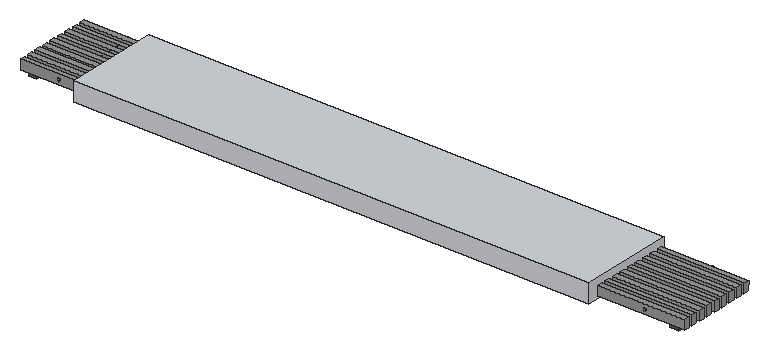
Revit family "1212-9, Solid", category Generic Models, host Face, Revit 2020
Family settings
  Host = Face
  Can host rebar = No
  Round Connector Dimension = Use Diameter
  Part Type = Normal
  Cut with Voids When Loaded = No
  Shared = No
  Room Calculation Point = No
Parameters
  min_value [instance] = 1' - 11 1/4"  # constant formula
  max_value [instance] = 11' - 11 1/4"  # constant formula
  actual_value [instance] = if(NET LENGTH < min_value, min_value, if(NET LENGTH > max_value, max_value, NET LENGTH))  # 7' - 11 1/4"
  NET LENGTH [instance] = 7' - 11 1/4"
  IMPORTANT NOTE!!!                                                                             *Backer & dowel layout is for visualization purposes only, final layout to be determined by 9Wood. [instance] = ""
  Default Elevation = 4' - 0"
  DOWEL RADIUS [instance] = 0' - 0 1/4"  # constant formula
  BACKING M MATERIAL [instance] = BLACK-BACKERS
  .. MEMBER WIDTH [instance] = 0' - 0 3/4"  # constant formula
  .. MEMBER MATERIAL [instance] = Solid Western Hemlock
  .. MEMBER DEPTH [instance] = 0' - 1 3/8"  # constant formula
  .. MEMBER COUNT [instance] = 9  # constant formula
Reference planes (in)
  plane 1 "Center (Front/Back)": y = 0
  plane 2: z = 2.726
  plane 3 "Center (Left/Right)": x = 0
Forms (in)
  Extrusion 1, solid
    sketch origin (15, -0.86619, -0.99308) x (0, 1, 0) y (-1, 0, 0)
      loop
        line (3.42869, -23.66817) -> (3.42869, 50.25) -> (-10, 50.25) -> (-10, -23.66817) -> (3.42869, -23.66817)
    from 3.71908 to 1.00111
Dimensions and locks (in)
  aligned and locked: plane 2 to Extrusion 1
Nested families (in)
  nested 1: "1200 Series" at (-44, -2, 1.87867), NET LENGTH <- "actual_value", DOWEL RADII <- "DOWEL RADIUS", .. MEMBER WIDTH <- ".. MEMBER WIDTH", .. MEMBER DEPTH <- ".. MEMBER DEPTH", .. MEMBER MATERIAL <- ".. MEMBER MATERIAL", BACKING M MATERIAL <- "BACKING M MATERIAL", .. MEMBER COUNT <- ".. MEMBER COUNT", type "1200 Series"
    with X 7' - 4", WIDTH 1' - 0 1/16", Space 0' - 0 11/16", START 0' - 0 3/8", SCRIM MATERIAL SCRIM, SCRIM 3 8' - 1", SCRIM 2 0' - 0 7/8", SCRIM 1 0' - 0 3/32", SCRIM yes, NET LENGTH 7' - 11 1/4", N 8, INSET 3 0' - 0 3/16", INSET 0' - 1", INDEX 0' - 5 5/8", END BACKER yes, DOWEL RADII 0' - 0 1/4", DOWEL COUNT 8, BACKING M WIDTH 0' - 1 1/4", BACKING M MATERIAL BLACK-BACKERS, BACKING M LENGTH 0' - 11 7/8", BACKING M DEPTH 0' - 0 1/2", .. MEMBER WIDTH 0' - 0 3/4", .. MEMBER OC TYP 0' - 1.33333", .. MEMBER MATERIAL Solid Western Hemlock, .. MEMBER DEPTH 0' - 1 3/8", .. MEMBER COUNT 9
Definition of nested family "1200 Series"
  Parameters (values of type "1200 Series")
    X [instance] = NET LENGTH - (0' 3 5/8" * 2)  # 6' - 2"
    WIDTH [instance] = 1' - 0 1/16"
    Space [instance] = 0' - 0 11/16"  # constant formula
    START [instance] = .. MEMBER WIDTH / 2  # 0' - 0 3/8"
    SCRIM MATERIAL [instance] = none
    SCRIM 3 [instance] = NET LENGTH + (SCRIM 2 * 2)  # 6' - 11"
    SCRIM 2 [instance] = 0' - 0 7/8"
    SCRIM 1 [instance] = 0' - 0 3/32"
    SCRIM [instance] = yes
    NET LENGTH [instance] = 6' - 9 1/4"
    N [instance] = if((X - (rounddown(X / 1' 0") * 1' 0")) > 1' 0", rounddown(X / 1' 0") + 2, rounddown(X / 1' 0") + 1)  # 7
    INSET 3 [instance] = 0' - 0 3/16"
    INSET [instance] = 0' - 1"
    INDEX [instance] = (NET LENGTH - ((N - 1) * 1' 0")) / 2  # 0' - 4 5/8"
    END BACKER [instance] = yes
    Default Elevation = 0' - 0"
    DOWEL RADII [instance] = 0' - 0 1/4"
    DOWEL COUNT [instance] = N  # 7
    BACKING M WIDTH [instance] = 0' - 1 1/4"
    BACKING M MATERIAL [instance] = none
    BACKING M LENGTH [instance] = 0' - 11 7/8"
    BACKING M DEPTH [instance] = 0' - 0 1/2"
    .. MEMBER WIDTH [instance] = 0' - 0 3/4"
    .. MEMBER OC TYP [instance] = 1' 0" / .. MEMBER COUNT  # 0' - 3"
    .. MEMBER MATERIAL [instance] = none
    .. MEMBER DEPTH [instance] = 0' - 1 3/8"
    .. MEMBER COUNT [instance] = 4
  Reference planes (in)
    plane 1 "Center (Front/Back)": y = -7.5
    plane 2: z = 0
    plane 3 "Center (Left/Right)": x = 0
    plane 4: x = 1
    plane 5: x = 4.625
    plane 6: x = 81.25
    plane 7: x = 80.25
    plane 8: x = 16.625
    plane 9: y = -7.3125
    plane 10: y = -4.125
    plane 11: y = -7.125
    plane 12: y = 4.5625
    plane 13: y = -4.5
    plane 14: y = -7.59375
    plane 15: x = 82.125
    plane 16: y = 4.65625
    plane 17: x = -0.875
    plane 18: z = -1.375
    plane 19: z = -0.6875
  Lines and regions (in)
    model lines
      curve 1: line (4.375, -7.5, -0.6875) -> (4.875, -7.5, -0.6875)
    model lines, not visible
      curve 2: line (4.625, -7.5, -0.9375) -> (4.625, -7.5, -0.4375)
      curve 3: line (4.375, -7.5, -0.6875) -> (4.875, -7.5, -0.6875)
      curve 4: line (16.625, -7.5, -0.9375) -> (16.625, -7.5, -0.4375)
      curve 5: line (16.375, -7.5, -0.6875) -> (16.875, -7.5, -0.6875)
      curve 6: line (28.625, -7.5, -0.9375) -> (28.625, -7.5, -0.4375)
      curve 7: line (28.375, -7.5, -0.6875) -> (28.875, -7.5, -0.6875)
      curve 8: line (40.625, -7.5, -0.9375) -> (40.625, -7.5, -0.4375)
      curve 9: line (40.375, -7.5, -0.6875) -> (40.875, -7.5, -0.6875)
      curve 10: line (52.625, -7.5, -0.9375) -> (52.625, -7.5, -0.4375)
      curve 11: line (52.375, -7.5, -0.6875) -> (52.875, -7.5, -0.6875)
      curve 12: line (64.625, -7.5, -0.9375) -> (64.625, -7.5, -0.4375)
      curve 13: line (64.375, -7.5, -0.6875) -> (64.875, -7.5, -0.6875)
      curve 14: line (76.625, -7.5, -0.9375) -> (76.625, -7.5, -0.4375)
      curve 15: line (76.375, -7.5, -0.6875) -> (76.875, -7.5, -0.6875)
  Dimensions and locks (in)
    "NET LENGTH": plane 3 "Center (Left/Right)" to plane 6
    "INSET": plane 7 to plane 6
    "INDEX": plane 3 "Center (Left/Right)" to plane 5
    plane 5 to plane 8 = 1' - 0"
    "INSET 3": plane 1 "Center (Front/Back)" to plane 9
    equal spacing: group 1, group 2, group 3, group 4  (x3)
    "START": plane 11 to plane 1 "Center (Front/Back)"
    ".. MEMBER OC TYP": plane 10 to plane 11
    "WIDTH": plane 12 to plane 1 "Center (Front/Back)"
    "START": plane 10 to plane 13
    "SCRIM 1": plane 14 to plane 1 "Center (Front/Back)"
    "SCRIM 2": plane 6 to plane 15
    "SCRIM 1": plane 12 to plane 16
    "SCRIM 2": plane 17 to plane 3 "Center (Left/Right)"
    "INSET": plane 3 "Center (Left/Right)" to plane 4
    equal spacing: group 5, group 6, group 7, group 8, group 9, group 10, group 11  (x3)
    "Space": plane 19 to plane 18
    aligned and locked: level to plane 2
    aligned and locked: nested 1 to plane 4  (x2)
    aligned and locked: plane 7 to nested 2
    aligned and locked: plane 5 to nested 3
    aligned and locked: nested 1 to plane 9
    aligned and locked: plane 1 "Center (Front/Back)" to nested 4
    aligned and locked: plane 9 to nested 2
    aligned and locked: plane 13 to nested 5
    aligned and locked: nested 3 to plane 9
    aligned and locked: plane 18 to nested 1
    aligned and locked: plane 19 to nested 3
    aligned and locked: curve 1 to plane 19
    aligned and locked: plane 8 to curve 4
    aligned and locked: curve 5 to plane 19
    aligned and locked: nested 4 to plane 18
  Automatic sketch dimensions
    curve 1 to curve 1 = 0' - 0 1/2"
    curve 1 to plane 5 = 0' - 0 1/4"
    plane 5 to curve 1 = 0' - 0 1/4"
    curve 3 to curve 2 = 0' - 0 1/4"  (x2)
    curve 2 to curve 3 = 0' - 0 1/4"  (x2)
    curve 5 to curve 4 = 0' - 0 1/4"  (x2)
    curve 4 to curve 5 = 0' - 0 1/4"  (x2)
    curve 7 to curve 6 = 0' - 0 1/4"  (x2)
    curve 6 to curve 7 = 0' - 0 1/4"  (x2)
    curve 9 to curve 8 = 0' - 0 1/4"  (x2)
    curve 8 to curve 9 = 0' - 0 1/4"  (x2)
    curve 11 to curve 10 = 0' - 0 1/4"  (x2)
    curve 10 to curve 11 = 0' - 0 1/4"  (x2)
    curve 13 to curve 12 = 0' - 0 1/4"  (x2)
    curve 12 to curve 13 = 0' - 0 1/4"  (x2)
    curve 15 to curve 14 = 0' - 0 1/4"  (x2)
    curve 14 to curve 15 = 0' - 0 1/4"  (x2)
  Nested families (in)
    nested 1: "INSTANCE - 2ND -  EXTEND SIDE H CENTER W - Parametric Cube" at (1, -1.375, -1.375) x (0, -1, 0) z (0, 0, 1), Width <- "BACKING M LENGTH", Length <- "BACKING M WIDTH", Material <- "BACKING M MATERIAL", Height <- "BACKING M DEPTH", visible <- "END BACKER", type "INSTANCE - 2ND -  EXTEND SIDE H CENTER W - Parametric Cube"
      with Width 0' - 11 7/8", Material none, Length 0' - 1 1/4", Height 0' - 0 1/2"
    nested 2: "INSTANCE - 2ND -  EXTEND SIDE H CENTER W - Parametric Cube" at (80.25, -1.375, -1.375) x (0, -1, 0) z (0, 0, 1), Width <- "BACKING M LENGTH", Length <- "BACKING M WIDTH", Material <- "BACKING M MATERIAL", Height <- "BACKING M DEPTH", visible <- "END BACKER", type "INSTANCE - 2ND -  EXTEND SIDE H CENTER W - Parametric Cube"
      with Width 0' - 11 7/8", Material none, Length 0' - 1 1/4", Height 0' - 0 1/2"
    nested 3: "Family3" at (-5.375, -7.3125, -0.6875), DOWEL RADII <- "DOWEL RADII", BACKING MEM MATERIAL <- "BACKING M MATERIAL", type "Family3"
      with DOWEL RADII 0' - 0 1/4", DOWEL LENGTH 0' - 11 7/8", BACKING MEM MATERIAL none
    nested 4: "HOLED MEMBER" at (0, -18.75, 6.19404), DOWEL RADII <- "DOWEL RADII", .. MEMBER LENGTH <- "NET LENGTH", DOWEL COUNT <- "DOWEL COUNT", DEPTH <- ".. MEMBER DEPTH", .. MEMBER WIDTH <- ".. MEMBER WIDTH", Material <- ".. MEMBER MATERIAL", DOWEL INDEX <- "INDEX", Space 2 <- "Space", type "HOLED MEMBER"
      with Width 0' - 6", Space 2 0' - 0 11/16", Material none, Length 1' - 0", Height 0' - 10.43096", DOWEL RADII 0' - 0 1/4", DOWEL OC DIST 1' - 0", DOWEL INDEX 0' - 4 5/8", DOWEL COUNT 7, DEPTH 0' - 1 3/8", .. MEMBER WIDTH 0' - 0 3/4", .. MEMBER LENGTH 6' - 9 1/4"
    nested 5: "HOLED MEMBER" at (0, -15.75, 6.19404), DOWEL RADII <- "DOWEL RADII", .. MEMBER LENGTH <- "NET LENGTH", DOWEL COUNT <- "DOWEL COUNT", DEPTH <- ".. MEMBER DEPTH", .. MEMBER WIDTH <- ".. MEMBER WIDTH", Material <- ".. MEMBER MATERIAL", DOWEL INDEX <- "INDEX", Space 2 <- "Space", type "HOLED MEMBER"
      with Width 0' - 6", Space 2 0' - 0 11/16", Material none, Length 1' - 0", Height 0' - 10.43096", DOWEL RADII 0' - 0 1/4", DOWEL OC DIST 1' - 0", DOWEL INDEX 0' - 4 5/8", DOWEL COUNT 7, DEPTH 0' - 1 3/8", .. MEMBER WIDTH 0' - 0 3/4", .. MEMBER LENGTH 6' - 9 1/4"
    nested 6: "HOLED MEMBER" at (0, -12.75, 6.19404), DOWEL RADII <- "DOWEL RADII", .. MEMBER LENGTH <- "NET LENGTH", DOWEL COUNT <- "DOWEL COUNT", DEPTH <- ".. MEMBER DEPTH", .. MEMBER WIDTH <- ".. MEMBER WIDTH", Material <- ".. MEMBER MATERIAL", DOWEL INDEX <- "INDEX", Space 2 <- "Space", type "HOLED MEMBER"
      with Width 0' - 6", Space 2 0' - 0 11/16", Material none, Length 1' - 0", Height 0' - 10.43096", DOWEL RADII 0' - 0 1/4", DOWEL OC DIST 1' - 0", DOWEL INDEX 0' - 4 5/8", DOWEL COUNT 7, DEPTH 0' - 1 3/8", .. MEMBER WIDTH 0' - 0 3/4", .. MEMBER LENGTH 6' - 9 1/4"
    nested 7: "HOLED MEMBER" at (0, -9.75, 6.19404), DOWEL RADII <- "DOWEL RADII", .. MEMBER LENGTH <- "NET LENGTH", DOWEL COUNT <- "DOWEL COUNT", DEPTH <- ".. MEMBER DEPTH", .. MEMBER WIDTH <- ".. MEMBER WIDTH", Material <- ".. MEMBER MATERIAL", DOWEL INDEX <- "INDEX", Space 2 <- "Space", type "HOLED MEMBER"
      with Width 0' - 6", Space 2 0' - 0 11/16", Material none, Length 1' - 0", Height 0' - 10.43096", DOWEL RADII 0' - 0 1/4", DOWEL OC DIST 1' - 0", DOWEL INDEX 0' - 4 5/8", DOWEL COUNT 7, DEPTH 0' - 1 3/8", .. MEMBER WIDTH 0' - 0 3/4", .. MEMBER LENGTH 6' - 9 1/4"
    nested 8: "Family3" at (6.625, -7.3125, -0.6875), DOWEL RADII <- "DOWEL RADII", BACKING MEM MATERIAL <- "BACKING M MATERIAL", type "Family3"
      with DOWEL RADII 0' - 0 1/4", DOWEL LENGTH 0' - 11 7/8", BACKING MEM MATERIAL none
    nested 9: "Family3" at (18.625, -7.3125, -0.6875), DOWEL RADII <- "DOWEL RADII", BACKING MEM MATERIAL <- "BACKING M MATERIAL", type "Family3"
      with DOWEL RADII 0' - 0 1/4", DOWEL LENGTH 0' - 11 7/8", BACKING MEM MATERIAL none
    nested 10: "Family3" at (30.625, -7.3125, -0.6875), DOWEL RADII <- "DOWEL RADII", BACKING MEM MATERIAL <- "BACKING M MATERIAL", type "Family3"
      with DOWEL RADII 0' - 0 1/4", DOWEL LENGTH 0' - 11 7/8", BACKING MEM MATERIAL none
    nested 11: "Family3" at (42.625, -7.3125, -0.6875), DOWEL RADII <- "DOWEL RADII", BACKING MEM MATERIAL <- "BACKING M MATERIAL", type "Family3"
      with DOWEL RADII 0' - 0 1/4", DOWEL LENGTH 0' - 11 7/8", BACKING MEM MATERIAL none
    nested 12: "Family3" at (54.625, -7.3125, -0.6875), DOWEL RADII <- "DOWEL RADII", BACKING MEM MATERIAL <- "BACKING M MATERIAL", type "Family3"
      with DOWEL RADII 0' - 0 1/4", DOWEL LENGTH 0' - 11 7/8", BACKING MEM MATERIAL none
    nested 13: "Family3" at (66.625, -7.3125, -0.6875), DOWEL RADII <- "DOWEL RADII", BACKING MEM MATERIAL <- "BACKING M MATERIAL", type "Family3"
      with DOWEL RADII 0' - 0 1/4", DOWEL LENGTH 0' - 11 7/8", BACKING MEM MATERIAL none
  Definition of nested family "INSTANCE - 2ND -  EXTEND SIDE H CENTER W - Parametric Cube"
    Parameters (values of type "INSTANCE - 2ND -  EXTEND SIDE H CENTER W - Parametric Cube")
      Width [instance] = 0' - 6"
      Material [instance] = none
      Length [instance] = 1' - 0"
      Height [instance] = 1' - 6"
      Default Elevation = 0' - 0"
    Reference planes (in)
      plane 1 "Center (Front/Back)": y = 0
      plane 2: z = 0
      plane 3 "Center (Left/Right)": x = 0
      plane 4: x = -3
      plane 5: x = 3
      plane 6: y = 12
      plane 7: z = -18
    Forms (in)
      Extrusion 1, solid, material <- "Material"
        sketch origin (0, 6, 0) x (1, 0, 0) y (0, 1, 0)
          loop
            line (-3, 6) -> (-3, -6) -> (3, -6) -> (3, 6) -> (-3, 6)
        from -18 to 0
    Dimensions and locks (in)
      equal spacing: plane 4, plane 3 "Center (Left/Right)", plane 5
      "Width": plane 4 to plane 5
      "Height": plane 7 to level
      "Length": plane 1 "Center (Front/Back)" to plane 6
      aligned and locked: plane 2 to level
      aligned and locked: plane 4 to Extrusion 1 sketch curve
      aligned and locked: Extrusion 1 sketch curve to plane 5
      aligned and locked: Extrusion 1 to plane 7
      aligned and locked: plane 6 to Extrusion 1
    Automatic sketch dimensions
      plane 1 "Center (Front/Back)" to Extrusion 1 sketch curve = 0' - 0"
      plane 6 to Extrusion 1 sketch curve = 0' - 0"
  Definition of nested family "Family3"
    Parameters (values of type "Family3")
      Default Elevation = 0' - 0"
      DOWEL RADII [instance] = 0' - 0 5/8"
      DOWEL LENGTH [instance] = 0' - 5"
      BACKING MEM MATERIAL [instance] = none
    Reference planes (in)
      plane 1 "Center (Front/Back)": y = 0
      plane 2: z = 0
      plane 3 "Center (Left/Right)": x = 0
      plane 4: y = 5
    Forms (in)
      Extrusion 1, solid, material <- "BACKING MEM MATERIAL"
        sketch origin (10, 0, 0) x (1, 0, 0) y (0, 0, 1)
          loop
            circle (0, 0) r 0.625
        from 0 to -5
      Extrusion 2, solid, not visible
        sketch origin (0, 0, 0) x (1, 0, 0) y (0, 0, 1)
          loop
            circle (0, 0) r 0.625
        from 0 to 12
      Extrusion 3, solid, not visible
        sketch origin (10, 0, 0) x (1, 0, 0) y (0, 0, 1)
          loop
            circle (0, 0) r 0.625
        from 0 to 2.5
      Extrusion 4, solid, not visible
        sketch origin (10, 0, 0) x (1, 0, 0) y (0, 0, 1)
          loop
            circle (0, 0) r 0.625
        from 0 to -12
    Lines and regions (in)
      model lines, not visible
        curve 1: line (-13, 0, 0) -> (-13, -12, 0)
        curve 2: line (13, 0, 0) -> (13, -12, 0)
        curve 3: line (9.89453, 0, 0) -> (10.08794, 0, 0)
        curve 4: line (9.89453, -2.5, 0) -> (10.08794, -2.5, 0)
        curve 6: line (10, 0, 0) -> (10, 2, 0)
      model lines
        curve 5: line (10, 0, 0) -> (10, 2, 0)
    Dimensions and locks (in)
      "DOWEL LENGTH": plane 1 "Center (Front/Back)" to plane 4
      "DOWEL RADII": radius of Extrusion 1 sketch curve
      "DOWEL RADII": radius of Extrusion 2 sketch curve
      "DOWEL RADII": radius of Extrusion 3 sketch curve
      "DOWEL RADII": radius of Extrusion 4 sketch curve
      "DOWEL RADII": radius of Extrusion 1
      aligned and locked: plane 2 to level
      aligned and locked: Extrusion 1 to plane 1 "Center (Front/Back)"  (x3)
      aligned and locked: plane 1 "Center (Front/Back)" to Extrusion 1
      aligned and locked: plane 4 to Extrusion 1
    Automatic sketch dimensions
      plane 1 "Center (Front/Back)" to curve 5 = 0' - 0"
      curve 5 to plane 1 "Center (Front/Back)" = 0' - 2"
      plane 3 "Center (Left/Right)" to curve 5 = 0' - 10"
      Extrusion 1 sketch curve to level = 0' - 0"
      plane 3 "Center (Left/Right)" to Extrusion 1 sketch curve = 0' - 10"
  Definition of nested family "HOLED MEMBER"
    Parameters (values of type "HOLED MEMBER")
      Width [instance] = 0' - 6"
      Space 2 [instance] = 0' - 0 5/8"
      Space = 0' - 0 5/8"
      Material [instance] = none
      Length [instance] = 1' - 0"
      Height [instance] = 0' - 10.43096"
      Default Elevation = 0' - 0"
      DOWEL RADII [instance] = 0' - 0.34537"
      DOWEL OC DIST [instance] = 1' - 0"
      DOWEL INSET = 0' - 0 5/8"
      DOWEL INDEX [instance] = 0' - 5 5/8"
      DOWEL COUNT [instance] = 6
      DEPTH [instance] = 0' - 2"
      .. MEMBER WIDTH [instance] = 0' - 0 5/8"
      .. MEMBER LENGTH [instance] = 5' - 11 3/4"
    Reference planes (in)
      plane 1 "Center (Front/Back)": y = 12
      plane 2: z = -7.56904
      plane 3 "Center (Left/Right)": x = 0
      plane 4: x = 5.625
      plane 5: x = 17.625
      plane 6: y = 11.375
      plane 7: x = 71.75
      plane 8: z = -6.94404
      plane 9: z = -5.56904
    Forms (in)
      Extrusion 1, solid, material <- "Material"
        sketch origin (0, 12, -13.56904) x (1, 0, 0) y (0, 0, 1)
          loop
            line (0, 6) -> (71.75, 6) -> (71.75, 8) -> (0, 8) -> (0, 6)
        from 0.625 to 0
      Extrusion 2, void
        sketch origin (0, 12, -18.31904) x (1, 0, 0) y (0, 0, 1)
          loop
            circle (5.625, 11.375) r 0.34537
        from 0 to 12
      Extrusion 3, void, not visible
        sketch origin (0, 1.25, 0) x (1, 0, 0) y (0, 1, 0)
          loop
            circle (5.625, 11.375) r 0.34537
        from 0 to 12
      Extrusion 4, void, not visible
        sketch origin (0, 1.25, 0) x (1, 0, 0) y (0, 1, 0)
          loop
            circle (5.625, 11.375) r 0.34537
        from 0 to 12
      Extrusion 5, void, not visible
        sketch origin (12, 1.25, 0) x (1, 0, 0) y (0, 1, 0)
          loop
            circle (5.625, 11.375) r 0.34537
        from 0 to 12
      Extrusion 6, void, not visible
        sketch origin (0, 12, -16.31904) x (1, 0, 0) y (0, 0, 1)
          loop
            circle (5.625, 11.375) r 0.34537
        from 0 to 12
      Extrusion 7, void, not visible
        sketch origin (12, 12, -16.31904) x (1, 0, 0) y (0, 0, 1)
          loop
            circle (5.625, 11.375) r 0.34537
        from 0 to 12
      Extrusion 8, void, not visible
        sketch origin (0, 12, -18.31904) x (1, 0, 0) y (0, 0, 1)
          loop
            circle (5.625, 11.375) r 0.34537
        from 0 to 12
      Extrusion 9, void
        sketch origin (12, 12, -18.31904) x (1, 0, 0) y (0, 0, 1)
          loop
            circle (5.625, 11.375) r 0.34537
        from 0 to 12
      Extrusion 10, void, not visible
        sketch origin (24, 12, -16.31904) x (1, 0, 0) y (0, 0, 1)
          loop
            circle (5.625, 11.375) r 0.34537
        from 0 to 12
      Extrusion 11, void, not visible
        sketch origin (36, 12, -16.31904) x (1, 0, 0) y (0, 0, 1)
          loop
            circle (5.625, 11.375) r 0.34537
        from 0 to 12
      Extrusion 12, void, not visible
        sketch origin (48, 12, -16.31904) x (1, 0, 0) y (0, 0, 1)
          loop
            circle (5.625, 11.375) r 0.34537
        from 0 to 12
      Extrusion 13, void, not visible
        sketch origin (60, 12, -16.31904) x (1, 0, 0) y (0, 0, 1)
          loop
            circle (5.625, 11.375) r 0.34537
        from 0 to 12
      Extrusion 14, void, not visible
        sketch origin (24, 1.25, 0) x (1, 0, 0) y (0, 1, 0)
          loop
            circle (5.625, 11.375) r 0.34537
        from 0 to 12
      Extrusion 15, void, not visible
        sketch origin (36, 1.25, 0) x (1, 0, 0) y (0, 1, 0)
          loop
            circle (5.625, 11.375) r 0.34537
        from 0 to 12
      Extrusion 16, void, not visible
        sketch origin (48, 1.25, 0) x (1, 0, 0) y (0, 1, 0)
          loop
            circle (5.625, 11.375) r 0.34537
        from 0 to 12
      Extrusion 17, void, not visible
        sketch origin (60, 1.25, 0) x (1, 0, 0) y (0, 1, 0)
          loop
            circle (5.625, 11.375) r 0.34537
        from 0 to 12
      Extrusion 18, void
        sketch origin (24, 12, -18.31904) x (1, 0, 0) y (0, 0, 1)
          loop
            circle (5.625, 11.375) r 0.34537
        from 0 to 12
      Extrusion 19, void
        sketch origin (36, 12, -18.31904) x (1, 0, 0) y (0, 0, 1)
          loop
            circle (5.625, 11.375) r 0.34537
        from 0 to 12
      Extrusion 20, void
        sketch origin (48, 12, -18.31904) x (1, 0, 0) y (0, 0, 1)
          loop
            circle (5.625, 11.375) r 0.34537
        from 0 to 12
      Extrusion 21, void
        sketch origin (60, 12, -18.31904) x (1, 0, 0) y (0, 0, 1)
          loop
            circle (5.625, 11.375) r 0.34537
        from 0 to 12
    Cuts and joins
      Extrusion 2, Extrusion 9, Extrusion 18, Extrusion 19, Extrusion 20, Extrusion 21 cuts Extrusion 1
    Lines and regions (in)
      model lines, not visible
        curve 1: line (5.625, 11.72037, 0) -> (5.625, 11.02963, 0)
        curve 2: line (5.625, 11.72037, 0) -> (5.625, 11.02963, 0)
        curve 3: line (17.625, 11.72037, 0) -> (17.625, 11.02963, 0)
        curve 4: line (5.625, 12, -7.56904) -> (5.625, 11.87317, -7.56904)
        curve 5: line (5.625, 11.87317, -7.56904) -> (5.06195, 11.87317, -7.56904)
        curve 6: line (5.06195, 11.87317, -7.56904) -> (5.27963, 11.375, -7.56904)
        curve 7: line (0, 12, -6.19404) -> (0, 11.61951, -6.19404)
        curve 8: line (0, 11.375, -8.19404) -> (0, 11.6747, -8.19404)
        curve 9: line (5.625, 12, -7.56904) -> (5.625, 11.69863, -7.56904)
        curve 11: line (5.625, 12, 0) -> (5.625, 12, 0.30137)
        curve 12: line (5.625, 12, 0) -> (5.625, 12, 0.30137)
        curve 13: line (17.625, 12, 0) -> (17.625, 12, 0.30137)
        curve 14: line (5.625, 12, -5.56904) -> (5.625, 11.69863, -5.56904)
        curve 15: line (17.625, 12, -5.56904) -> (17.625, 11.69863, -5.56904)
        curve 16: line (5.625, 12, -7.56904) -> (5.625, 11.69863, -7.56904)
        curve 18: line (29.625, 12, -5.56904) -> (29.625, 11.69863, -5.56904)
        curve 19: line (41.625, 12, -5.56904) -> (41.625, 11.69863, -5.56904)
        curve 20: line (53.625, 12, -5.56904) -> (53.625, 11.69863, -5.56904)
        curve 21: line (65.625, 12, -5.56904) -> (65.625, 11.69863, -5.56904)
        curve 22: line (29.625, 11.72037, 0) -> (29.625, 11.02963, 0)
        curve 23: line (29.625, 12, 0) -> (29.625, 12, 0.30137)
        curve 24: line (41.625, 11.72037, 0) -> (41.625, 11.02963, 0)
        curve 25: line (41.625, 12, 0) -> (41.625, 12, 0.30137)
        curve 26: line (53.625, 11.72037, 0) -> (53.625, 11.02963, 0)
        curve 27: line (53.625, 12, 0) -> (53.625, 12, 0.30137)
        curve 28: line (65.625, 11.72037, 0) -> (65.625, 11.02963, 0)
        curve 29: line (65.625, 12, 0) -> (65.625, 12, 0.30137)
        curve 35: line (5.27963, 12.625, 0) -> (5.97037, 12.625, 0)
        curve 36: line (5.27963, 12.625, 0) -> (5.97037, 12.625, 0)
        curve 37: line (17.27963, 12.625, 0) -> (17.97037, 12.625, 0)
        curve 38: line (5.27963, 12, -4.94404) -> (5.97037, 12, -4.94404)
        curve 39: line (17.27963, 12, -4.94404) -> (17.97037, 12, -4.94404)
        curve 40: line (5.27963, 12, -6.94404) -> (5.97037, 12, -6.94404)
        curve 42: line (29.27963, 12, -4.94404) -> (29.97037, 12, -4.94404)
        curve 43: line (41.27963, 12, -4.94404) -> (41.97037, 12, -4.94404)
        curve 44: line (53.27963, 12, -4.94404) -> (53.97037, 12, -4.94404)
        curve 45: line (65.27963, 12, -4.94404) -> (65.97037, 12, -4.94404)
        curve 46: line (29.27963, 12.625, 0) -> (29.97037, 12.625, 0)
        curve 47: line (41.27963, 12.625, 0) -> (41.97037, 12.625, 0)
        curve 48: line (53.27963, 12.625, 0) -> (53.97037, 12.625, 0)
        curve 49: line (65.27963, 12.625, 0) -> (65.97037, 12.625, 0)
        curve 54: line (0, 12, -6.94404) -> (0, 4.22059, -6.94404)
        curve 55: line (0, 12.625, 0) -> (0, 12.625, 7.77941)
        curve 56: line (0, 12.625, 0) -> (0, 12.625, 7.77941)
        curve 57: line (12, 12.625, 0) -> (12, 12.625, 7.77941)
        curve 58: line (0, 12, -4.94404) -> (0, 4.22059, -4.94404)
        curve 59: line (12, 12, -4.94404) -> (12, 4.22059, -4.94404)
        curve 60: line (0, 12, -6.94404) -> (0, 4.22059, -6.94404)
        curve 61: line (12, 12, -6.94404) -> (12, 4.22059, -6.94404)
        curve 62: line (24, 12, -4.94404) -> (24, 4.22059, -4.94404)
        curve 63: line (36, 12, -4.94404) -> (36, 4.22059, -4.94404)
        curve 64: line (48, 12, -4.94404) -> (48, 4.22059, -4.94404)
        curve 65: line (60, 12, -4.94404) -> (60, 4.22059, -4.94404)
        curve 66: line (24, 12.625, 0) -> (24, 12.625, 7.77941)
        curve 67: line (36, 12.625, 0) -> (36, 12.625, 7.77941)
        curve 68: line (48, 12.625, 0) -> (48, 12.625, 7.77941)
        curve 69: line (60, 12.625, 0) -> (60, 12.625, 7.77941)
        curve 70: line (24, 12, -6.94404) -> (24, 4.22059, -6.94404)
        curve 71: line (36, 12, -6.94404) -> (36, 4.22059, -6.94404)
        curve 72: line (48, 12, -6.94404) -> (48, 4.22059, -6.94404)
        curve 73: line (60, 12, -6.94404) -> (60, 4.22059, -6.94404)
      model lines
        curve 10: line (5.625, 12, -7.56904) -> (5.625, 11.69863, -7.56904)
        curve 17: line (17.625, 12, -7.56904) -> (17.625, 11.69863, -7.56904)
        curve 30: line (29.625, 12, -7.56904) -> (29.625, 11.69863, -7.56904)
        curve 31: line (41.625, 12, -7.56904) -> (41.625, 11.69863, -7.56904)
        curve 32: line (53.625, 12, -7.56904) -> (53.625, 11.69863, -7.56904)
        curve 33: line (65.625, 12, -7.56904) -> (65.625, 11.69863, -7.56904)
        curve 34: line (5.27963, 12, -6.94404) -> (5.97037, 12, -6.94404)
        curve 41: line (17.27963, 12, -6.94404) -> (17.97037, 12, -6.94404)
        curve 50: line (29.27963, 12, -6.94404) -> (29.97037, 12, -6.94404)
        curve 51: line (41.27963, 12, -6.94404) -> (41.97037, 12, -6.94404)
        curve 52: line (53.27963, 12, -6.94404) -> (53.97037, 12, -6.94404)
        curve 53: line (65.27963, 12, -6.94404) -> (65.97037, 12, -6.94404)
    Dimensions and locks (in)
      "DOWEL INDEX": plane 3 "Center (Left/Right)" to plane 4
      "DOWEL OC DIST": plane 4 to plane 5
      ".. MEMBER LENGTH": plane 3 "Center (Left/Right)" to plane 7
      equal spacing: group 3, group 4, group 17, group 18, group 19, group 20  (x3)
      equal spacing: group 7, group 8, group 13, group 14, group 15, group 16  (x3)
      equal spacing: group 1, group 12, group 21, group 22, group 23, group 24  (x3)
      ".. MEMBER WIDTH": plane 6 to plane 1 "Center (Front/Back)"
      "DEPTH": plane 9 to level
      "Space 2": plane 8 to level
      "DOWEL RADII": radius of Extrusion 2 sketch curve
      "DOWEL RADII": radius of Extrusion 3 sketch curve
      "DOWEL RADII": radius of Extrusion 4 sketch curve
      "DOWEL RADII": radius of Extrusion 5 sketch curve
      "DOWEL RADII": radius of Extrusion 6 sketch curve
      "DOWEL RADII": radius of Extrusion 7 sketch curve
      "DOWEL RADII": radius of Extrusion 8 sketch curve
      "DOWEL RADII": radius of Extrusion 9 sketch curve
      "DOWEL RADII": radius of Extrusion 10 sketch curve
      "DOWEL RADII": radius of Extrusion 11 sketch curve
      "DOWEL RADII": radius of Extrusion 12 sketch curve
      "DOWEL RADII": radius of Extrusion 13 sketch curve
      "DOWEL RADII": radius of Extrusion 14 sketch curve
      "DOWEL RADII": radius of Extrusion 15 sketch curve
      "DOWEL RADII": radius of Extrusion 16 sketch curve
      "DOWEL RADII": radius of Extrusion 17 sketch curve
      "DOWEL RADII": radius of Extrusion 18 sketch curve
      "DOWEL RADII": radius of Extrusion 19 sketch curve
      "DOWEL RADII": radius of Extrusion 20 sketch curve
      "DOWEL RADII": radius of Extrusion 21 sketch curve
      aligned and locked: level to plane 2
      aligned and locked: Extrusion 1 to plane 3 "Center (Left/Right)"  (x2)
      aligned and locked: plane 7 to cut or joined group of Extrusion 1, Extrusion 2, Extrusion 9, Extrusion 18, Extrusion 19, Extrusion 20, Extrusion 21  (x2)
      aligned and locked: cut or joined group of Extrusion 1, Extrusion 2, Extrusion 9, Extrusion 18, Extrusion 19, Extrusion 20, Extrusion 21 to plane 1 "Center (Front/Back)"  (x2)
      aligned and locked: cut or joined group of Extrusion 1, Extrusion 2, Extrusion 9, Extrusion 18, Extrusion 19, Extrusion 20, Extrusion 21 to plane 6  (x2)
      aligned and locked: plane 4 to curve 10
      aligned and locked: plane 5 to curve 17
      aligned and locked: plane 9 to cut or joined group of Extrusion 1, Extrusion 2, Extrusion 9, Extrusion 18, Extrusion 19, Extrusion 20, Extrusion 21  (x2)
      aligned and locked: cut or joined group of Extrusion 1, Extrusion 2, Extrusion 9, Extrusion 18, Extrusion 19, Extrusion 20, Extrusion 21 to level
      aligned and locked: plane 8 to Extrusion 2
      aligned and locked: curve 34 to plane 8
      aligned and locked: curve 41 to plane 8
      aligned and locked: level to curve 10
      aligned and locked: curve 10 to level
      aligned and locked: plane 8 to cut or joined group of Extrusion 1, Extrusion 2, Extrusion 9, Extrusion 18, Extrusion 19, Extrusion 20, Extrusion 21
      aligned and locked: curve 54 to plane 8
    Automatic sketch dimensions
      curve 1 to curve 1 = 0' - 0.69074"
      curve 2 to curve 2 = 0' - 0.69074"
      curve 3 to curve 3 = 0' - 0.69074"
      Extrusion 1 sketch curve to plane 3 "Center (Left/Right)" = 0' - 0"
      Extrusion 1 sketch curve to plane 7 = 0' - 0"
      Extrusion 1 sketch curve to Extrusion 1 sketch curve = 0' - 2"
      level to Extrusion 1 sketch curve = 0' - 0"
      curve 9 to curve 9 = 0' - 0.30137"
      curve 10 to curve 10 = 0' - 0.30137"
      curve 11 to curve 11 = 0' - 0.30137"
      curve 12 to curve 12 = 0' - 0.30137"
      curve 13 to curve 13 = 0' - 0.30137"
      curve 14 to curve 14 = 0' - 0.30137"
      curve 15 to curve 15 = 0' - 0.30137"
      curve 16 to curve 16 = 0' - 0.30137"
      curve 17 to curve 17 = 0' - 0.30137"
      curve 18 to curve 18 = 0' - 0.30137"
      curve 19 to curve 19 = 0' - 0.30137"
      curve 20 to curve 20 = 0' - 0.30137"
      curve 21 to curve 21 = 0' - 0.30137"
      curve 22 to curve 22 = 0' - 0.69074"
      curve 23 to curve 23 = 0' - 0.30137"
      curve 24 to curve 24 = 0' - 0.69074"
      curve 25 to curve 25 = 0' - 0.30137"
      curve 26 to curve 26 = 0' - 0.69074"
      curve 27 to curve 27 = 0' - 0.30137"
      curve 28 to curve 28 = 0' - 0.69074"
      curve 29 to curve 29 = 0' - 0.30137"
      curve 30 to curve 30 = 0' - 0.30137"
      curve 31 to curve 31 = 0' - 0.30137"
      curve 32 to curve 32 = 0' - 0.30137"
      curve 33 to curve 33 = 0' - 0.30137"
      curve 34 to curve 34 = 0' - 0.69074"
      curve 35 to curve 35 = 0' - 0.69074"
      curve 36 to curve 36 = 0' - 0.69074"
      curve 37 to curve 37 = 0' - 0.69074"
      curve 38 to curve 38 = 0' - 0.69074"
      curve 39 to curve 39 = 0' - 0.69074"
      curve 40 to curve 40 = 0' - 0.69074"
      curve 41 to curve 41 = 0' - 0.69074"
      curve 42 to curve 42 = 0' - 0.69074"
      curve 43 to curve 43 = 0' - 0.69074"
      curve 44 to curve 44 = 0' - 0.69074"
      curve 45 to curve 45 = 0' - 0.69074"
      curve 46 to curve 46 = 0' - 0.69074"
      curve 47 to curve 47 = 0' - 0.69074"
      curve 48 to curve 48 = 0' - 0.69074"
      curve 49 to curve 49 = 0' - 0.69074"
      curve 50 to curve 50 = 0' - 0.69074"
      curve 51 to curve 51 = 0' - 0.69074"
      curve 52 to curve 52 = 0' - 0.69074"
      curve 53 to curve 53 = 0' - 0.69074"
      curve 54 to curve 54 = 0' - 7.77941"
      curve 55 to curve 55 = 0' - 7.77941"
      curve 56 to curve 56 = 0' - 7.77941"
      curve 57 to curve 57 = 0' - 7.77941"
      curve 58 to curve 58 = 0' - 7.77941"
      curve 59 to curve 59 = 0' - 7.77941"
      curve 60 to curve 60 = 0' - 7.77941"
      curve 61 to curve 61 = 0' - 7.77941"
      curve 62 to curve 62 = 0' - 7.77941"
      curve 63 to curve 63 = 0' - 7.77941"
      curve 64 to curve 64 = 0' - 7.77941"
      curve 65 to curve 65 = 0' - 7.77941"
      curve 66 to curve 66 = 0' - 7.77941"
      curve 67 to curve 67 = 0' - 7.77941"
      curve 68 to curve 68 = 0' - 7.77941"
      curve 69 to curve 69 = 0' - 7.77941"
      curve 70 to curve 70 = 0' - 7.77941"
      curve 71 to curve 71 = 0' - 7.77941"
      curve 72 to curve 72 = 0' - 7.77941"
      curve 73 to curve 73 = 0' - 7.77941"
